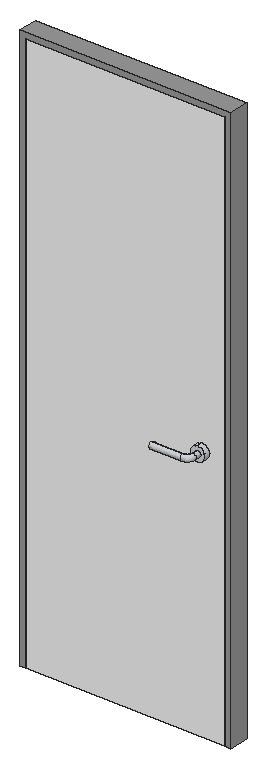
Revit family "- Acero Sinfonia", category Doors, host Wall, Revit 2018
Family settings
  Host = Wall
  OmniClass Number = 23.30.10.00
  OmniClass Title = Doors
  Always vertical = Yes
  Cut with Voids When Loaded = No
  Shared = No
  Room Calculation Point = No
Parameters (values of type "- 70 x 200 cm")
  Set de Marcos = ""
  Relleno = ""
  Material Marco = - Perfil Aluminio
  Material Hoja = - Acero
  Manilla = - Manilla
  Hojas = "Simple de Abatir"
  Function = Interior
  Frame Projection Ext. = 2.50 cm
  Frame Projection Int. = 2.50 cm
  Frame Width = 7.50 cm
  Height = 200.00 cm
  Wall Closure = By host
  Width = 74.00 cm
  Distancia a Cara Interior = 6.00 cm
  Bisagras = ""
  Ancho Hoja = Width - 4.00 cm  # 70.00 cm
  Ancho = Width  # 74.00 cm
  Analytic Construction = "<None>"
  Alto = Height  # 200.00 cm
Types (12, lengths in cm): name | Height | Width | Ancho Hoja | Ancho | Alto
  - 70 x 200 cm | 200.00 | 74.00 | 70.00 | 74.00 | 200.00
  - 75 x 200 cm | 200.00 | 79.00 | 75.00 | 79.00 | 200.00
  - 80 x 200 cm | 200.00 | 84.00 | 80.00 | 84.00 | 200.00
  - 85 x 200 cm | 200.00 | 89.00 | 85.00 | 89.00 | 200.00
  - 90 x 200 cm | 200.00 | 94.00 | 90.00 | 94.00 | 200.00
  -100 x 200 cm | 200.00 | 104.00 | 100.00 | 104.00 | 200.00
  - 70 x 210 cm | 210.00 | 74.00 | 70.00 | 74.00 | 210.00
  - 75 x 210 cm | 210.00 | 79.00 | 75.00 | 79.00 | 210.00
  - 80 x 210 cm | 210.00 | 84.00 | 80.00 | 84.00 | 210.00
  - 85 x 210 cm | 210.00 | 89.00 | 85.00 | 89.00 | 210.00
  - 90 x 210 cm | 210.00 | 94.00 | 90.00 | 94.00 | 210.00
  - 100 x 210 cm | 210.00 | 104.00 | 100.00 | 104.00 | 210.00
Reference planes (cm)
  plane 1: y = 0
  plane 2 "Center (Left/Right)": x = 0
  plane 3 "Left": x = -37
  plane 4 "Right": x = 37
  plane 5: z = 200
  plane 6 "Exterior": y = 7.5
  plane 7 "Interior": y = -7.5
  plane 8: y = -1.5
  plane 9: z = 198
  plane 10: x = -35
  plane 11: x = 35
Forms (cm)
  Sweep 1, solid, material "- Perfil Aluminio" <- "Material Marco"
    path origin (0, 7.5, 0) x (1, 0, 0) y (0, 0, 1)
      loop
        line (37, 0) -> (37, 200) -> (-37, 200) -> (-37, 0)
    profile origin (37, 7.5, 100) x (-1, 0, 0) y (0, -1, 0)
      loop
        line (0, 2) -> (3, 2) -> (3, 4.3) -> (2, 4.3) -> (2, 9) -> (0, 9) -> (0, 2)
  Extrusion 2, solid, material "- Acero" <- "Material Hoja"
    sketch origin (0, 0, 0) x (1, 0, 0) y (0, 1, 0)
      loop
        line (-35, -1.5) -> (35, -1.5) -> (35, 3) -> (-35, 3) -> (-35, -1.5)
    from 0 to 198
  Sweep 3, solid, material "- Manilla" <- "Manilla", not visible
    path origin (5.8483, -7.5601, 0) x (1, 0, 0) y (0, 1, 0)
      loop
        line (22.1517, 15.0613) -> (32.1517, 15.0613)
        arc (32.1517, 15.0613) -> (33.5659, 14.4756) -> (34.1517, 13.0613) r 2
        line (34.1517, 13.0613) -> (34.1517, 11.0613)
    profile origin (33, 7.5012, 0) x (0, 1, 0) y (0, 0, 1)
      loop
        circle (0, 90) r 1
  Extrusion 4, solid, material "- Manilla" <- "Manilla", not visible
    sketch origin (0, 7.5, 0) x (1, 0, 0) y (0, 0, 1)
      loop
        circle (40, 90) r 2.5
    from 3.9988 to 5
Lines and regions (cm)
  Opening 1
    outline origin (-305, -7.5, 0) x (1, 0, 0) y (0, 0, 1)
      loop
        line (268, 0) -> (342, 0) -> (342, 200) -> (268, 200) -> (268, 0)
  symbolic lines, style "Elevation Swing"
    curve 1: line (37, -7.5, 100) -> (-37, -7.5, 200)
    curve 2: line (37, -7.5, 100) -> (-37, -7.5, 0)
    curve 7: arc (-30.5, -71.5, 0) -> (16.4246, -49.6941, 0) -> (35.2596, -1.5001, 0) r 69.4706
  symbolic lines
    curve 3: line (-35, -1.5, 0) -> (-35, -71.5, 0)
    curve 4: line (-30.5, -1.5, 0) -> (-35, -1.5, 0)
    curve 5: line (-30.5, -71.5, 0) -> (-30.5, -1.5, 0)
    curve 6: line (-35, -71.5, 0) -> (-30.5, -71.5, 0)
  model lines, not visible
    curve 8: line (-20, 3, 25) -> (20, 3, 25)
    curve 9: line (-20, 3, 65) -> (-20, 3, 25)
    curve 10: line (20, 3, 65) -> (8.6603, 3, 65)
    curve 11: line (20, 3, 25) -> (20, 3, 65)
    curve 12: line (-20, 3, 75) -> (-8.6603, 3, 75)
    curve 13: line (-20, 3, 75) -> (-20, 3, 169.9666)
    curve 14: line (20, 3, 75) -> (20, 3, 169.9666)
    curve 15: arc (-8.6603, 3, 65) -> (0, 3, 60) -> (8.6603, 3, 65) r 10
    curve 16: line (8.6603, 3, 75) -> (20, 3, 75)
    curve 17: line (-8.6603, 3, 65) -> (-20, 3, 65)
    curve 18: arc (8.6603, 3, 75) -> (0, 3, 80) -> (-8.6603, 3, 75) r 10
    curve 19: arc (14.9666, 3, 175) -> (0, 3, 183) -> (-14.9666, 3, 175) r 18
    curve 20: arc (-20, 3, 169.9666) -> (-16.4409, 3, 171.4409) -> (-14.9666, 3, 175) r 5.0334
    curve 21: arc (14.9666, 3, 175) -> (16.4409, 3, 171.4409) -> (20, 3, 169.9666) r 5.0334
    curve 22: line (-9.2195, 3, 64) -> (-19, 3, 64)
    curve 23: line (-19, 3, 64) -> (-19, 3, 26)
    curve 24: arc (9.2195, 3, 64) -> (0, 3, 59) -> (-9.2195, 3, 64) r 11
    curve 25: line (19, 3, 64) -> (9.2195, 3, 64)
    curve 26: line (19, 3, 26) -> (19, 3, 64)
    curve 27: line (-19, 3, 26) -> (19, 3, 26)
    curve 28: line (-18.9928, 3, 168.9932) -> (-18.9928, 3, 76)
    curve 29: arc (-13.9941, 3, 174.9045) -> (-15.4113, 3, 171.0338) -> (-18.9928, 3, 168.9932) r 5.9946
    curve 30: arc (13.9971, 3, 174.7848) -> (0.0327, 3, 182.1538) -> (-13.9941, 3, 174.9045) r 17.0542
    curve 31: arc (19, 3, 169.1276) -> (15.4988, 3, 171.072) -> (13.9971, 3, 174.7848) r 6.0089
    curve 32: line (19, 3, 76) -> (19, 3, 169.1276)
    curve 33: line (9.2195, 3, 76) -> (19, 3, 76)
    curve 34: arc (-9.2195, 3, 76) -> (0, 3, 81) -> (9.2195, 3, 76) r 11
    curve 35: line (-18.9928, 3, 76) -> (-9.2195, 3, 76)
    curve 36: arc (12.052, 3, 174.0667) -> (0.0498, 3, 180.1537) -> (-12.0243, 3, 174.2107) r 15.0542
    curve 37: arc (-12.0243, 3, 174.2107) -> (-13.561, 3, 170.1508) -> (-16.9928, 3, 167.4925) r 7.9946
    curve 38: line (-16.9928, 3, 167.4925) -> (-16.9928, 3, 78)
    curve 39: line (17, 3, 78) -> (17, 3, 167.6269)
    curve 40: arc (17, 3, 167.6269) -> (13.6492, 3, 170.1731) -> (12.052, 3, 174.0667) r 8.0089
    curve 41: line (-16.9928, 3, 78) -> (-10.247, 3, 78)
    curve 42: arc (-10.247, 3, 78) -> (0, 3, 83) -> (10.247, 3, 78) r 13
    curve 43: line (10.247, 3, 78) -> (17, 3, 78)
    curve 44: line (-10.247, 3, 62) -> (-17, 3, 62)
    curve 45: arc (10.247, 3, 62) -> (0, 3, 57) -> (-10.247, 3, 62) r 13
    curve 46: line (17, 3, 62) -> (10.247, 3, 62)
    curve 47: line (17, 3, 28) -> (17, 3, 62)
    curve 48: line (-17, 3, 28) -> (17, 3, 28)
    curve 49: line (-17, 3, 62) -> (-17, 3, 28)
    curve 50: line (-314, -1.5, 25) -> (-274, -1.5, 25)
    curve 51: line (-314, -1.5, 65) -> (-314, -1.5, 25)
    curve 52: line (-274, -1.5, 25) -> (-274, -1.5, 65)
    curve 53: line (-314, -1.5, 70) -> (-274, -1.5, 70)
    curve 54: line (-314, -1.5, 70) -> (-314, -1.5, 87)
    curve 55: line (-274, -1.5, 70) -> (-274, -1.5, 87)
    curve 56: line (-274, -1.5, 65) -> (-314, -1.5, 65)
    curve 57: line (-275, -1.5, 64) -> (-313, -1.5, 64)
    curve 58: line (-313, -1.5, 64) -> (-313, -1.5, 26)
    curve 59: line (-275, -1.5, 26) -> (-275, -1.5, 64)
    curve 60: line (-313, -1.5, 26) -> (-275, -1.5, 26)
    curve 61: line (-312.9928, -1.5, 86) -> (-312.9928, -1.5, 71)
    curve 62: line (-275, -1.5, 71) -> (-275, -1.5, 86)
    curve 63: line (-312.9928, -1.5, 71) -> (-275, -1.5, 71)
    curve 64: line (-310.9928, -1.5, 84) -> (-310.9928, -1.5, 73)
    curve 65: line (-277, -1.5, 73) -> (-277, -1.5, 84)
    curve 66: line (-310.9928, -1.5, 73) -> (-277, -1.5, 73)
    curve 67: line (-277, -1.5, 62) -> (-311, -1.5, 62)
    curve 68: line (-277, -1.5, 28) -> (-277, -1.5, 62)
    curve 69: line (-311, -1.5, 28) -> (-277, -1.5, 28)
    curve 70: line (-311, -1.5, 62) -> (-311, -1.5, 28)
    curve 71: line (-310.9928, -1.5, 84) -> (-277, -1.5, 84)
    curve 72: line (-314, -1.5, 87) -> (-274, -1.5, 87)
    curve 73: line (-312.9928, -1.5, 86) -> (-275, -1.5, 86)
    curve 74: line (-310.9928, -1.5, 84) -> (-277, -1.5, 84)
    curve 75: line (-314, -1.5, 97) -> (-274, -1.5, 97)
    curve 76: line (-314, -1.5, 185) -> (-314, -1.5, 97)
    curve 77: line (-274, -1.5, 97) -> (-274, -1.5, 185)
    curve 78: line (-274, -1.5, 185) -> (-314, -1.5, 185)
    curve 79: line (-275, -1.5, 184) -> (-313, -1.5, 184)
    curve 80: line (-313, -1.5, 184) -> (-313, -1.5, 98)
    curve 81: line (-275, -1.5, 98) -> (-275, -1.5, 184)
    curve 82: line (-313, -1.5, 98) -> (-275, -1.5, 98)
    curve 83: line (-277, -1.5, 182) -> (-311, -1.5, 182)
    curve 84: line (-277, -1.5, 100) -> (-277, -1.5, 182)
    curve 85: line (-311, -1.5, 100) -> (-277, -1.5, 100)
    curve 86: line (-311, -1.5, 182) -> (-311, -1.5, 100)
    curve 87: line (-320, 3, 25) -> (-280, 3, 25)
    curve 88: line (-320, 3, 65) -> (-320, 3, 25)
    curve 89: line (-280, 3, 25) -> (-280, 3, 65)
    curve 90: line (-320, 3, 72.5) -> (-280, 3, 72.5)
    curve 91: line (-280, 3, 65) -> (-320, 3, 65)
    curve 92: line (-281, 3, 64) -> (-319, 3, 64)
    curve 93: line (-319, 3, 64) -> (-319, 3, 26)
    curve 94: line (-281, 3, 26) -> (-281, 3, 64)
    curve 95: line (-319, 3, 26) -> (-281, 3, 26)
    curve 96: line (-319, 3, 73.5) -> (-281, 3, 73.5)
    curve 97: line (-317, 3, 75.5) -> (-283, 3, 75.5)
    curve 98: line (-283, 3, 62) -> (-317, 3, 62)
    curve 99: line (-283, 3, 28) -> (-283, 3, 62)
    curve 100: line (-317, 3, 28) -> (-283, 3, 28)
    curve 101: line (-317, 3, 62) -> (-317, 3, 28)
    curve 102: line (-320, 3, 179.3431) -> (-320, 3, 72.5)
    curve 103: line (-280, 3, 72.5) -> (-280, 3, 179.3431)
    curve 104: line (-319, 3, 178.3431) -> (-319, 3, 73.5)
    curve 105: line (-281, 3, 73.5) -> (-281, 3, 178.3431)
    curve 106: line (-283, 3, 75.5) -> (-283, 3, 176.3431)
    curve 107: line (-317, 3, 176.3431) -> (-317, 3, 75.5)
    curve 108: arc (-292, 3, 181) -> (-300, 3, 185) -> (-308, 3, 181) r 10
    curve 109: arc (-292, 3, 181) -> (-290.1648, 3, 179.7737) -> (-288, 3, 179.3431) r 5.6569
    curve 110: arc (-308, 3, 181) -> (-309.8352, 3, 179.7737) -> (-312, 3, 179.3431) r 5.6569
    curve 111: line (-288, 3, 179.3431) -> (-280, 3, 179.3431)
    curve 112: line (-312, 3, 179.3431) -> (-320, 3, 179.3431)
    curve 113: line (-281, 3, 178.3431) -> (-288, 3, 178.3431)
    curve 114: arc (-288, 3, 178.3431) -> (-290.5825, 3, 178.8645) -> (-292.7604, 3, 180.3468) r 6.6569
    curve 115: arc (-292.7604, 3, 180.3468) -> (-300, 3, 184) -> (-307.2396, 3, 180.3468) r 9
    curve 116: arc (-307.2396, 3, 180.3468) -> (-309.4175, 3, 178.8645) -> (-312, 3, 178.3431) r 6.6569
    curve 117: line (-312, 3, 178.3431) -> (-319, 3, 178.3431)
    curve 118: line (-283, 3, 176.3431) -> (-288, 3, 176.3431)
    curve 119: arc (-288, 3, 176.3431) -> (-291.43, 3, 177.0516) -> (-294.2985, 3, 179.0611) r 8.6569
    curve 120: arc (-294.2985, 3, 179.0611) -> (-300, 3, 182) -> (-305.7015, 3, 179.0611) r 7
    curve 121: arc (-305.7015, 3, 179.0611) -> (-308.57, 3, 177.0516) -> (-312, 3, 176.3431) r 8.6569
    curve 122: line (-312, 3, 176.3431) -> (-317, 3, 176.3431)
    curve 123: line (-23, -1.5, 25) -> (-5, -1.5, 25)
    curve 124: line (-23, -1.5, 65) -> (-23, -1.5, 25)
    curve 125: line (-5, -1.5, 25) -> (-5, -1.5, 65)
    curve 126: line (-23, -1.5, 72.5) -> (-5, -1.5, 72.5)
    curve 127: line (-5, -1.5, 65) -> (-23, -1.5, 65)
    curve 128: line (-6, -1.5, 64) -> (-22, -1.5, 64)
    curve 129: line (-22, -1.5, 64) -> (-22, -1.5, 26)
    curve 130: line (-6, -1.5, 26) -> (-6, -1.5, 64)
    curve 131: line (-22, -1.5, 26) -> (-6, -1.5, 26)
    curve 132: line (-22, -1.5, 73.5) -> (-6, -1.5, 73.5)
    curve 133: line (-20, -1.5, 75.5) -> (-8, -1.5, 75.5)
    curve 134: line (-8, -1.5, 62) -> (-20, -1.5, 62)
    curve 135: line (-8, -1.5, 28) -> (-8, -1.5, 62)
    curve 136: line (-20, -1.5, 28) -> (-8, -1.5, 28)
    curve 137: line (-20, -1.5, 62) -> (-20, -1.5, 28)
    curve 138: line (-23, -1.5, 179.3431) -> (-23, -1.5, 72.5)
    curve 139: line (-22, -1.5, 178.3431) -> (-22, -1.5, 73.5)
    curve 140: line (-20, -1.5, 176.3431) -> (-20, -1.5, 75.5)
    curve 141: arc (-16, -1.5, 181) -> (-17.8352, -1.5, 179.7737) -> (-20, -1.5, 179.3431) r 5.6569
    curve 142: arc (-15.2396, -1.5, 180.3468) -> (-17.4175, -1.5, 178.8645) -> (-20, -1.5, 178.3431) r 6.6569
    curve 143: arc (-13.7015, -1.5, 179.0611) -> (-16.57, -1.5, 177.0516) -> (-20, -1.5, 176.3431) r 8.6569
    curve 144: arc (-8, -1.5, 185) -> (-12.4721, -1.5, 183.9443) -> (-16, -1.5, 181) r 10
    curve 145: arc (-8, -1.5, 184) -> (-12.0545, -1.5, 183.035) -> (-15.2396, -1.5, 180.3468) r 9
    curve 146: arc (-8, -1.5, 182) -> (-11.2072, -1.5, 181.2221) -> (-13.7015, -1.5, 179.0611) r 7
    curve 147: line (-23, -1.5, 179.3431) -> (-20, -1.5, 179.3431)
    curve 148: line (-20, -1.5, 178.3431) -> (-22, -1.5, 178.3431)
    curve 149: line (-5, -1.5, 185) -> (-5, -1.5, 72.5)
    curve 150: line (-6, -1.5, 184) -> (-6, -1.5, 73.5)
    curve 151: line (-8, -1.5, 182) -> (-8, -1.5, 75.5)
    curve 152: line (-8, -1.5, 185) -> (-5, -1.5, 185)
    curve 153: line (-6, -1.5, 184) -> (-8, -1.5, 184)
    curve 154: line (23, -1.5, 72.5) -> (5, -1.5, 72.5)
    curve 155: line (22, -1.5, 73.5) -> (6, -1.5, 73.5)
    curve 156: line (20, -1.5, 75.5) -> (8, -1.5, 75.5)
    curve 157: line (23, -1.5, 179.3431) -> (23, -1.5, 72.5)
    curve 158: line (22, -1.5, 178.3431) -> (22, -1.5, 73.5)
    curve 159: line (20, -1.5, 176.3431) -> (20, -1.5, 75.5)
    curve 160: arc (16, -1.5, 181) -> (17.8352, -1.5, 179.7737) -> (20, -1.5, 179.3431) r 5.6569
    curve 161: arc (15.2396, -1.5, 180.3468) -> (17.4175, -1.5, 178.8645) -> (20, -1.5, 178.3431) r 6.6569
    curve 162: arc (13.7015, -1.5, 179.0611) -> (16.57, -1.5, 177.0516) -> (20, -1.5, 176.3431) r 8.6569
    curve 163: arc (8, -1.5, 185) -> (12.4721, -1.5, 183.9443) -> (16, -1.5, 181) r 10
    curve 164: arc (8, -1.5, 184) -> (12.0545, -1.5, 183.035) -> (15.2396, -1.5, 180.3468) r 9
    curve 165: arc (8, -1.5, 182) -> (11.2072, -1.5, 181.2221) -> (13.7015, -1.5, 179.0611) r 7
    curve 166: line (23, -1.5, 179.3431) -> (20, -1.5, 179.3431)
    curve 167: line (20, -1.5, 178.3431) -> (22, -1.5, 178.3431)
    curve 168: line (5, -1.5, 185) -> (5, -1.5, 72.5)
    curve 169: line (6, -1.5, 184) -> (6, -1.5, 73.5)
    curve 170: line (8, -1.5, 182) -> (8, -1.5, 75.5)
    curve 171: line (8, -1.5, 185) -> (5, -1.5, 185)
    curve 172: line (6, -1.5, 184) -> (8, -1.5, 184)
    curve 173: line (5, -1.5, 25) -> (23, -1.5, 25)
    curve 174: line (5, -1.5, 65) -> (5, -1.5, 25)
    curve 175: line (23, -1.5, 25) -> (23, -1.5, 65)
    curve 176: line (23, -1.5, 65) -> (5, -1.5, 65)
    curve 177: line (22, -1.5, 64) -> (6, -1.5, 64)
    curve 178: line (6, -1.5, 64) -> (6, -1.5, 26)
    curve 179: line (22, -1.5, 26) -> (22, -1.5, 64)
    curve 180: line (6, -1.5, 26) -> (22, -1.5, 26)
    curve 181: line (20, -1.5, 62) -> (8, -1.5, 62)
    curve 182: line (20, -1.5, 28) -> (20, -1.5, 62)
    curve 183: line (8, -1.5, 28) -> (20, -1.5, 28)
    curve 184: line (8, -1.5, 62) -> (8, -1.5, 28)
    curve 192: line (373, 3, 99) -> (355, 3, 99)
    curve 193: line (373, 3, 158.998) -> (373, 3, 99)
    curve 194: line (373, 3, 158.998) -> (355, 3, 158.998)
    curve 195: line (355, 3, 25) -> (373, 3, 25)
    curve 196: line (355, 3, 85) -> (355, 3, 25)
    curve 197: line (373, 3, 25) -> (373, 3, 85)
    curve 198: line (373, 3, 85) -> (355, 3, 85)
    curve 218: line (355, 3, 158.998) -> (355, 3, 99)
    curve 219: line (373, 3, 158.998) -> (355, 3, 158.998)
    curve 220: line (373, 3, 185) -> (373, 3, 168.998)
    curve 221: line (373, 3, 185) -> (355, 3, 185)
    curve 222: line (355, 3, 185) -> (355, 3, 168.998)
    curve 223: line (373, 3, 168.998) -> (355, 3, 168.998)
    curve 224: line (327, 3, 99) -> (345, 3, 99)
    curve 225: line (327, 3, 158.998) -> (327, 3, 99)
    curve 226: line (327, 3, 158.998) -> (345, 3, 158.998)
    curve 227: line (345, 3, 25) -> (327, 3, 25)
    curve 228: line (345, 3, 85) -> (345, 3, 25)
    curve 229: line (327, 3, 25) -> (327, 3, 85)
    curve 230: line (327, 3, 85) -> (345, 3, 85)
    curve 231: line (345, 3, 158.998) -> (345, 3, 99)
    curve 232: line (327, 3, 158.998) -> (345, 3, 158.998)
    curve 233: line (327, 3, 185) -> (327, 3, 168.998)
    curve 234: line (327, 3, 185) -> (345, 3, 185)
    curve 235: line (345, 3, 185) -> (345, 3, 168.998)
    curve 236: line (327, 3, 168.998) -> (345, 3, 168.998)
    curve 263: line (371, -1.5, 99) -> (351, -1.5, 99)
    curve 264: line (371, -1.5, 158.998) -> (371, -1.5, 99)
    curve 265: line (371, -1.5, 158.998) -> (351, -1.5, 158.998)
    curve 266: line (351, -1.5, 25) -> (371, -1.5, 25)
    curve 267: line (351, -1.5, 85) -> (351, -1.5, 25)
    curve 268: line (371, -1.5, 25) -> (371, -1.5, 85)
    curve 269: line (371, -1.5, 85) -> (351, -1.5, 85)
    curve 270: line (351, -1.5, 158.998) -> (351, -1.5, 99)
    curve 271: line (371, -1.5, 158.998) -> (351, -1.5, 158.998)
    curve 272: line (371, -1.5, 185) -> (371, -1.5, 168.998)
    curve 273: line (371, -1.5, 185) -> (351, -1.5, 185)
    curve 274: line (351, -1.5, 185) -> (351, -1.5, 168.998)
    curve 275: line (371, -1.5, 168.998) -> (351, -1.5, 168.998)
    curve 276: line (321, -1.5, 99) -> (341, -1.5, 99)
    curve 277: line (321, -1.5, 158.998) -> (321, -1.5, 99)
    curve 278: line (321, -1.5, 158.998) -> (341, -1.5, 158.998)
    curve 279: line (341, -1.5, 25) -> (321, -1.5, 25)
    curve 280: line (341, -1.5, 85) -> (341, -1.5, 25)
    curve 281: line (321, -1.5, 25) -> (321, -1.5, 85)
    curve 282: line (321, -1.5, 85) -> (341, -1.5, 85)
    curve 283: line (341, -1.5, 158.998) -> (341, -1.5, 99)
    curve 284: line (321, -1.5, 158.998) -> (341, -1.5, 158.998)
    curve 285: line (321, -1.5, 185) -> (321, -1.5, 168.998)
    curve 286: line (321, -1.5, 185) -> (341, -1.5, 185)
    curve 287: line (341, -1.5, 185) -> (341, -1.5, 168.998)
    curve 288: line (321, -1.5, 168.998) -> (341, -1.5, 168.998)
  model lines
    curve 185: line (23, 3, 99) -> (5, 3, 99)
    curve 186: line (23, 3, 158.998) -> (23, 3, 99)
    curve 187: line (23, 3, 158.998) -> (5, 3, 158.998)
    curve 188: line (5, 3, 25) -> (23, 3, 25)
    curve 189: line (5, 3, 85) -> (5, 3, 25)
    curve 190: line (23, 3, 25) -> (23, 3, 85)
    curve 191: line (23, 3, 85) -> (5, 3, 85)
    curve 199: line (5, 3, 158.998) -> (5, 3, 99)
    curve 200: line (23, 3, 158.998) -> (5, 3, 158.998)
    curve 201: line (23, 3, 185) -> (23, 3, 168.998)
    curve 202: line (23, 3, 185) -> (5, 3, 185)
    curve 203: line (5, 3, 185) -> (5, 3, 168.998)
    curve 204: line (23, 3, 168.998) -> (5, 3, 168.998)
    curve 205: line (-23, 3, 99) -> (-5, 3, 99)
    curve 206: line (-23, 3, 158.998) -> (-23, 3, 99)
    curve 207: line (-23, 3, 158.998) -> (-5, 3, 158.998)
    curve 208: line (-5, 3, 25) -> (-23, 3, 25)
    curve 209: line (-5, 3, 85) -> (-5, 3, 25)
    curve 210: line (-23, 3, 25) -> (-23, 3, 85)
    curve 211: line (-23, 3, 85) -> (-5, 3, 85)
    curve 212: line (-5, 3, 158.998) -> (-5, 3, 99)
    curve 213: line (-23, 3, 158.998) -> (-5, 3, 158.998)
    curve 214: line (-23, 3, 185) -> (-23, 3, 168.998)
    curve 215: line (-23, 3, 185) -> (-5, 3, 185)
    curve 216: line (-5, 3, 185) -> (-5, 3, 168.998)
    curve 217: line (-23, 3, 168.998) -> (-5, 3, 168.998)
    curve 237: line (24.5, -1.5, 99) -> (4.5, -1.5, 99)
    curve 238: line (24.5, -1.5, 158.998) -> (24.5, -1.5, 99)
    curve 239: line (24.5, -1.5, 158.998) -> (4.5, -1.5, 158.998)
    curve 240: line (4.5, -1.5, 25) -> (24.5, -1.5, 25)
    curve 241: line (4.5, -1.5, 85) -> (4.5, -1.5, 25)
    curve 242: line (24.5, -1.5, 25) -> (24.5, -1.5, 85)
    curve 243: line (24.5, -1.5, 85) -> (4.5, -1.5, 85)
    curve 244: line (4.5, -1.5, 158.998) -> (4.5, -1.5, 99)
    curve 245: line (24.5, -1.5, 158.998) -> (4.5, -1.5, 158.998)
    curve 246: line (24.5, -1.5, 185) -> (24.5, -1.5, 168.998)
    curve 247: line (24.5, -1.5, 185) -> (4.5, -1.5, 185)
    curve 248: line (4.5, -1.5, 185) -> (4.5, -1.5, 168.998)
    curve 249: line (24.5, -1.5, 168.998) -> (4.5, -1.5, 168.998)
    curve 250: line (-25.5, -1.5, 99) -> (-5.5, -1.5, 99)
    curve 251: line (-25.5, -1.5, 158.998) -> (-25.5, -1.5, 99)
    curve 252: line (-25.5, -1.5, 158.998) -> (-5.5, -1.5, 158.998)
    curve 253: line (-5.5, -1.5, 25) -> (-25.5, -1.5, 25)
    curve 254: line (-5.5, -1.5, 85) -> (-5.5, -1.5, 25)
    curve 255: line (-25.5, -1.5, 25) -> (-25.5, -1.5, 85)
    curve 256: line (-25.5, -1.5, 85) -> (-5.5, -1.5, 85)
    curve 257: line (-5.5, -1.5, 158.998) -> (-5.5, -1.5, 99)
    curve 258: line (-25.5, -1.5, 158.998) -> (-5.5, -1.5, 158.998)
    curve 259: line (-25.5, -1.5, 185) -> (-25.5, -1.5, 168.998)
    curve 260: line (-25.5, -1.5, 185) -> (-5.5, -1.5, 185)
    curve 261: line (-5.5, -1.5, 185) -> (-5.5, -1.5, 168.998)
    curve 262: line (-25.5, -1.5, 168.998) -> (-5.5, -1.5, 168.998)
Text (cm)
  text "Exterior" at (-229.5016, 109.9543, 0), in view "Ref. Level"
  text "Exterior" at (0, 161.538, 369.8081), in view "Left"
  text "Exterior" at (0, 103.6032, 387.4932), in view "Right"
Dimensions and locks (cm)
  equal spacing: plane 3 "Left", plane 2 "Center (Left/Right)", plane 4 "Right"
  "Width": plane 3 "Left" to plane 4 "Right"
  "Height": plane 5 to host wall
  equal spacing: host wall, curve 2, plane 5
  host wall to plane 5 = 200.00 cm
  locked: plane 6 "Exterior" to host wall at 0
  locked: plane 7 "Interior" to host wall
  "Distancia a Cara Interior": plane 7 "Interior" to plane 8
  locked: Sweep 1 sketch curve to Sweep 1 sketch curve at 7
  locked: plane 9 to plane 5 at 2
  locked: curve 3 to curve 5 at 4.5
  locked: plane 3 "Left" to plane 10 at 2
  locked: plane 11 to plane 4 "Right" at 2
  "Ancho Hoja": curve 6 to curve 4
  locked: Extrusion 2 sketch curve to Extrusion 2 sketch curve at 4.5
  locked: nested 1 to plane 4 "Right" at 10
  level to nested 1 = 90.00 cm
  locked: nested 2 to plane 4 "Right" at 10
  locked: nested 2 to level at 90
  locked: Sweep 1 sketch curve to Sweep 1 sketch curve at 2.3
  curve 200 to curve 202 = 26.002 cm
  locked: Extrusion 2 to curve 215 at 185
  locked: plane 2 "Center (Left/Right)" to curve 210 at 23
  locked: curve 247 to Extrusion 2 at 185
  locked: curve 242 to plane 2 "Center (Left/Right)" at 24.5
  aligned and locked: plane 3 "Left" to Opening 1 sketch curve
  aligned and locked: plane 5 to Opening 1 sketch curve  (x2)
  aligned and locked: Opening 1 sketch curve to plane 4 "Right"
  aligned and locked: Opening 1 sketch curve to level
  aligned and locked: plane 5 to curve 1
  aligned and locked: plane 3 "Left" to curve 2
  aligned and locked: plane 1 to host wall
  aligned and locked: plane 3 "Left" to curve 1
  aligned and locked: plane 8 to Sweep 1 sketch curve
  aligned and locked: Extrusion 2 sketch curve to plane 8
  aligned and locked: Sweep 1 to level
  aligned and locked: plane 10 to curve 3
  aligned and locked: Sweep 3 to Extrusion 4
  aligned and locked: Extrusion 2 to plane 9
Automatic sketch dimensions
  plane 4 "Right" to curve 2 = 0.00 cm
  curve 2 to level = 0.00 cm
  plane 3 "Left" to Sweep 1 sketch curve = 0.00 cm
  plane 4 "Right" to Sweep 1 sketch curve = 0.00 cm
  Sweep 1 sketch curve to level = 0.00 cm  (x2)
  Sweep 1 sketch curve to plane 5 = 0.00 cm
  Sweep 1 sketch curve to profile plane = 0.00 cm
  Sweep 1 sketch curve to profile plane = 2.00 cm
  Sweep 1 sketch curve to Sweep 1 sketch curve = 1.00 cm
  curve 7 to plane 8 = 0.0001 cm
  curve 7 to plane 11 = 0.2596 cm
  curve 4 to plane 8 = 0.00 cm
  curve 7 to plane 10 = 0.7919 cm
  Sweep 3 sketch curve to Sweep 3 sketch curve = 10.00 cm
  Sweep 3 sketch curve to Sweep 3 sketch curve = 2.00 cm  (x2)
  Sweep 3 sketch curve to profile plane = 0.00 cm
  profile plane to Sweep 3 sketch curve = 90.00 cm
  Extrusion 2 sketch curve to plane 10 = 0.00 cm
  Extrusion 2 sketch curve to plane 11 = 0.00 cm
  curve 15 to curve 18 = 0.00 cm  (x4)
  curve 15 to curve 24 = 0.00 cm  (x4)
  curve 15 to curve 34 = 0.00 cm  (x4)
  curve 15 to curve 42 = 0.00 cm  (x4)
  curve 15 to curve 45 = 0.00 cm  (x4)
  curve 29 to curve 37 = 0.00 cm  (x4)
  curve 30 to curve 36 = 0.00 cm  (x4)
  curve 31 to curve 40 = 0.00 cm  (x4)
  curve 8 to curve 31 = 0.00 cm
  curve 21 to curve 31 = 0.00 cm
  curve 14 to curve 32 = 1.00 cm
  curve 10 to curve 26 = 1.00 cm
  curve 26 to curve 47 = 2.00 cm
  curve 32 to curve 39 = 2.00 cm
  curve 46 to curve 46 = 6.753 cm
  curve 39 to curve 43 = 6.753 cm
  curve 42 to curve 33 = 1.0274 cm
  curve 45 to curve 25 = 1.0274 cm
  curve 33 to curve 16 = 0.5593 cm
  curve 24 to curve 10 = 0.5593 cm
  curve 16 to curve 24 = 8.6603 cm
  curve 39 to curve 19 = 17.00 cm
  curve 19 to curve 36 = 0.0402 cm
  curve 15 to curve 12 = 8.6603 cm
  curve 15 to curve 17 = 8.6603 cm
  curve 15 to curve 22 = 0.5593 cm
  curve 12 to curve 35 = 0.5593 cm
  curve 22 to curve 44 = 1.0274 cm
  curve 34 to curve 41 = 1.0274 cm
  curve 41 to curve 38 = 6.7459 cm
  curve 47 to curve 48 = 34.00 cm
  curve 38 to curve 35 = 2.00 cm
  curve 44 to curve 22 = 2.00 cm
  curve 28 to curve 29 = 0.9959 cm
  curve 29 to curve 20 = 0.0113 cm
  curve 22 to curve 17 = 1.00 cm
  curve 8 to curve 26 = 1.00 cm
  curve 23 to curve 49 = 2.00 cm
  curve 48 to curve 49 = 34.00 cm
  curve 45 to curve 25 = 2.00 cm
  curve 25 to curve 10 = 1.00 cm
  curve 10 to curve 45 = 5.00 cm
  curve 10 to curve 16 = 10.00 cm
  curve 12 to curve 35 = 1.00 cm
  curve 34 to curve 41 = 2.00 cm
  curve 41 to curve 19 = 87.00 cm
  curve 19 to curve 30 = 0.0997 cm
  curve 36 to curve 38 = 2.3928 cm
  curve 19 to curve 39 = 2.6269 cm
  curve 37 to curve 28 = 1.5007 cm
  curve 39 to curve 32 = 1.5007 cm
  curve 28 to curve 13 = 0.9734 cm
  curve 31 to curve 14 = 0.839 cm
  curve 13 to curve 29 = 4.9378 cm
  curve 29 to curve 20 = 0.0955 cm
  curve 21 to curve 40 = 0.0527 cm
  curve 31 to curve 36 = 1.9451 cm
  curve 55 to curve 62 = 1.4142 cm
  curve 59 to curve 68 = 2.8284 cm
  curve 62 to curve 65 = 2.8284 cm
  curve 53 to curve 63 = 1.4142 cm
  curve 57 to curve 67 = 2.8284 cm
  curve 66 to curve 64 = 33.9928 cm
  curve 68 to curve 69 = 34.00 cm
  curve 64 to curve 63 = 2.8284 cm
  curve 67 to curve 57 = 2.8284 cm
  curve 57 to curve 56 = 1.4142 cm
  curve 50 to curve 59 = 1.4142 cm
  curve 58 to curve 70 = 2.8284 cm
  curve 69 to curve 70 = 34.00 cm  (x2)
  curve 53 to curve 63 = 1.4193 cm
  curve 65 to curve 62 = 2.8284 cm
  curve 61 to curve 54 = 1.4193 cm
  curve 18 to curve 24 = 0.00 cm  (x2)
  curve 18 to curve 34 = 0.00 cm  (x2)
  curve 18 to curve 42 = 0.00 cm  (x2)
  curve 18 to curve 45 = 0.00 cm  (x2)
  curve 24 to curve 34 = 0.00 cm  (x2)
  curve 24 to curve 42 = 0.00 cm  (x2)
  curve 24 to curve 45 = 0.00 cm  (x2)
  curve 34 to curve 42 = 0.00 cm  (x2)
  curve 34 to curve 45 = 0.00 cm  (x2)
  curve 42 to curve 45 = 0.00 cm  (x2)
  curve 72 to curve 51 = 0.00 cm
  curve 75 to curve 54 = 0.00 cm
  curve 76 to curve 79 = 1.00 cm
  curve 51 to curve 57 = 1.00 cm
  curve 53 to curve 63 = 1.0072 cm
  curve 79 to curve 86 = 2.00 cm
  curve 58 to curve 70 = 2.00 cm
  curve 61 to curve 66 = 2.00 cm
  curve 64 to curve 65 = 33.9928 cm
  curve 69 to curve 69 = 34.00 cm
  curve 85 to curve 65 = 0.00 cm
  curve 68 to curve 60 = 2.00 cm
  curve 65 to curve 63 = 2.00 cm
  curve 84 to curve 82 = 2.00 cm
  curve 62 to curve 55 = 1.00 cm
  curve 57 to curve 56 = 1.00 cm  (x2)
  curve 79 to curve 78 = 1.00 cm  (x2)
  curve 50 to curve 59 = 1.00 cm
  curve 59 to curve 68 = 2.00 cm
  curve 67 to curve 57 = 2.00 cm
  curve 52 to curve 53 = 5.00 cm
  curve 53 to curve 63 = 1.00 cm
  curve 62 to curve 66 = 2.00 cm
  curve 65 to curve 71 = 11.00 cm
  curve 65 to curve 62 = 2.00 cm
  curve 62 to curve 72 = 1.00 cm
  curve 55 to curve 75 = 10.00 cm
  curve 75 to curve 82 = 1.00 cm
  curve 81 to curve 84 = 2.00 cm
  curve 84 to curve 84 = 82.00 cm
  curve 83 to curve 79 = 2.00 cm
  curve 87 to curve 90 = 0.00 cm
  curve 103 to curve 105 = 1.00 cm
  curve 89 to curve 92 = 1.00 cm
  curve 105 to curve 106 = 2.00 cm
  curve 92 to curve 99 = 2.00 cm
  curve 98 to curve 98 = 34.00 cm
  curve 106 to curve 107 = 34.00 cm
  curve 97 to curve 96 = 2.00 cm
  curve 98 to curve 92 = 2.00 cm
  curve 96 to curve 102 = 1.00 cm
  curve 92 to curve 91 = 1.00 cm
  curve 87 to curve 94 = 1.00 cm
  curve 94 to curve 99 = 2.00 cm
  curve 100 to curve 101 = 34.00 cm
  curve 98 to curve 93 = 2.00 cm
  curve 92 to curve 89 = 1.00 cm
  curve 89 to curve 103 = 7.50 cm
  curve 90 to curve 105 = 1.00 cm
  curve 96 to curve 106 = 2.00 cm
  curve 97 to curve 107 = 100.8431 cm
  curve 106 to curve 107 = 0.00 cm
  curve 106 to curve 105 = 2.00 cm
  curve 105 to curve 103 = 1.00 cm
  curve 108 to curve 115 = 0.00 cm  (x4)
  curve 108 to curve 120 = 0.00 cm  (x4)
  curve 109 to curve 114 = 0.00 cm  (x3)
  curve 109 to curve 119 = 0.00 cm  (x4)
  curve 110 to curve 116 = 0.00 cm  (x3)
  curve 110 to curve 121 = 0.00 cm  (x3)
  curve 114 to curve 119 = 0.00 cm  (x3)
  curve 116 to curve 121 = 0.00 cm  (x4)
  curve 106 to curve 111 = 5.00 cm
  curve 118 to curve 115 = 12.00 cm
  curve 110 to curve 104 = 7.00 cm
  curve 115 to curve 106 = 1.3431 cm
  curve 122 to curve 117 = 2.00 cm
  curve 117 to curve 112 = 1.00 cm
  curve 110 to curve 121 = 5.6569 cm
  curve 111 to curve 109 = 5.6569 cm
  curve 109 to curve 109 = 4.00 cm
  curve 108 to curve 115 = 0.7604 cm
  curve 115 to curve 119 = 1.5381 cm
  curve 115 to curve 120 = 0.00 cm  (x2)
  curve 125 to curve 128 = 1.4142 cm
  curve 128 to curve 135 = 2.8284 cm
  curve 134 to curve 134 = 12.00 cm  (x2)
  curve 133 to curve 132 = 2.8284 cm
  curve 134 to curve 128 = 2.8284 cm
  curve 132 to curve 138 = 1.4142 cm
  curve 128 to curve 127 = 1.4142 cm
  curve 123 to curve 130 = 1.4142 cm
  curve 130 to curve 135 = 2.8284 cm
  curve 136 to curve 137 = 34.00 cm
  curve 134 to curve 129 = 2.8284 cm
  curve 128 to curve 125 = 1.4142 cm
  curve 133 to curve 140 = 100.8431 cm
  curve 140 to curve 139 = 2.8284 cm
  curve 139 to curve 138 = 1.4142 cm
  curve 141 to curve 142 = 0.00 cm  (x6)
  curve 141 to curve 143 = 0.00 cm  (x6)
  curve 141 to curve 142 = 1.0024 cm
  curve 145 to curve 143 = 2.0047 cm
  curve 142 to curve 143 = 0.00 cm  (x4)
  curve 144 to curve 145 = 0.00 cm  (x2)
  curve 144 to curve 146 = 0.00 cm  (x2)
  curve 145 to curve 146 = 0.00 cm  (x2)
  curve 160 to curve 161 = 0.00 cm  (x2)
  curve 160 to curve 162 = 0.00 cm  (x2)
  curve 161 to curve 162 = 0.00 cm  (x2)
  curve 163 to curve 164 = 0.00 cm  (x2)
  curve 163 to curve 165 = 0.00 cm  (x2)
  curve 164 to curve 165 = 0.00 cm  (x2)
  curve 138 to curve 124 = 0.00 cm
  curve 138 to curve 148 = 1.00 cm
  curve 124 to curve 128 = 1.00 cm
  curve 139 to curve 147 = 2.00 cm
  curve 128 to curve 134 = 2.00 cm
  curve 133 to curve 133 = 12.00 cm
  curve 133 to curve 132 = 2.00 cm
  curve 135 to curve 131 = 2.00 cm
  curve 150 to curve 149 = 1.00 cm
  curve 128 to curve 125 = 1.00 cm
  curve 126 to curve 168 = 10.00 cm
  curve 123 to curve 173 = 10.00 cm
  curve 173 to curve 178 = 1.00 cm
  curve 168 to curve 169 = 1.00 cm
  curve 169 to curve 172 = 2.00 cm
  curve 177 to curve 184 = 2.00 cm
  curve 183 to curve 183 = 12.00 cm
  curve 163 to curve 159 = 12.00 cm
  curve 167 to curve 167 = 2.00 cm
  curve 182 to curve 179 = 2.00 cm
  curve 158 to curve 157 = 1.00 cm  (x2)
  curve 177 to curve 176 = 1.00 cm
  curve 173 to curve 123 = 0.00 cm
  curve 173 to curve 180 = 1.00 cm
  curve 123 to curve 131 = 1.00 cm
  curve 179 to curve 182 = 2.00 cm
  curve 129 to curve 137 = 2.00 cm
  curve 136 to curve 134 = 34.00 cm
  curve 184 to curve 134 = 0.00 cm
  curve 181 to curve 177 = 2.00 cm
  curve 134 to curve 129 = 2.00 cm
  curve 128 to curve 127 = 1.00 cm
  curve 177 to curve 174 = 1.00 cm
  curve 125 to curve 126 = 7.50 cm
  curve 174 to curve 168 = 7.50 cm
  curve 154 to curve 158 = 1.00 cm
  curve 126 to curve 132 = 1.00 cm
  curve 155 to curve 156 = 2.00 cm
  curve 132 to curve 133 = 2.00 cm
  curve 156 to curve 163 = 99.50 cm
  curve 144 to curve 163 = 0.00 cm
  curve 163 to curve 159 = 1.3431 cm
  curve 144 to curve 140 = 1.3431 cm
  curve 159 to curve 158 = 2.00 cm
  curve 140 to curve 139 = 2.00 cm
  curve 139 to curve 138 = 1.00 cm
  curve 144 to curve 151 = 7.00 cm
  curve 163 to curve 170 = 7.00 cm
  curve 170 to curve 172 = 2.00 cm
  curve 146 to curve 153 = 2.00 cm
  curve 169 to curve 168 = 1.00 cm
  curve 141 to curve 143 = 5.6569 cm
  curve 160 to curve 162 = 5.6569 cm
  curve 150 to curve 152 = 1.00 cm
  curve 189 to curve 199 = 14.00 cm
  curve 186 to curve 204 = 0.00 cm
  curve 191 to curve 185 = 0.00 cm  (x2)
  curve 203 to curve 217 = 10.00 cm
  curve 185 to curve 205 = 10.00 cm
  curve 189 to curve 211 = 10.00 cm
  curve 190 to curve 208 = 0.00 cm
  curve 209 to curve 212 = 14.00 cm
  curve 199 to curve 205 = 0.00 cm
  curve 206 to curve 214 = 10.00 cm
  curve 187 to curve 204 = 10.00 cm
  curve 193 to curve 223 = 0.00 cm
  curve 198 to curve 192 = 0.00 cm  (x2)
  curve 222 to curve 236 = 10.00 cm
  curve 192 to curve 224 = 10.00 cm
  curve 196 to curve 230 = 10.00 cm
  curve 197 to curve 227 = 0.00 cm
  curve 228 to curve 231 = 14.00 cm
  curve 218 to curve 224 = 0.00 cm
  curve 225 to curve 233 = 10.00 cm
  curve 194 to curve 223 = 10.00 cm
  curve 238 to curve 249 = 10.00 cm  (x2)
  curve 243 to curve 237 = 14.00 cm
  curve 248 to curve 262 = 10.00 cm
  curve 237 to curve 250 = 10.00 cm
  curve 241 to curve 256 = 10.00 cm
  curve 242 to curve 253 = 30.00 cm
  curve 254 to curve 257 = 14.00 cm  (x2)
  curve 244 to curve 250 = 10.00 cm
  curve 251 to curve 259 = 10.00 cm
  curve 239 to curve 249 = 10.00 cm
  curve 264 to curve 275 = 10.00 cm  (x2)
  curve 269 to curve 263 = 14.00 cm
  curve 274 to curve 288 = 10.00 cm
  curve 263 to curve 276 = 10.00 cm
  curve 267 to curve 282 = 10.00 cm
  curve 268 to curve 279 = 30.00 cm
  curve 280 to curve 283 = 14.00 cm  (x2)
  curve 270 to curve 276 = 10.00 cm
  curve 277 to curve 285 = 10.00 cm
  curve 265 to curve 275 = 10.00 cm
  curve 250 to curve 256 = 0.00 cm
  curve 262 to curve 251 = 0.00 cm
  curve 261 to curve 248 = 10.00 cm
  curve 248 to curve 244 = 0.00 cm
  curve 254 to curve 243 = 10.00 cm
  curve 242 to curve 253 = 0.00 cm
  curve 244 to curve 250 = 0.00 cm
  curve 252 to curve 261 = 10.00 cm
  curve 276 to curve 282 = 0.00 cm
  curve 288 to curve 277 = 0.00 cm
  curve 287 to curve 274 = 10.00 cm
  curve 274 to curve 270 = 0.00 cm
  curve 280 to curve 269 = 10.00 cm
  curve 268 to curve 279 = 0.00 cm
  curve 270 to curve 276 = 0.00 cm
  curve 278 to curve 287 = 10.00 cm
  curve 201 to curve 202 = 18.00 cm
  curve 201 to curve 201 = 16.002 cm
  curve 215 to curve 214 = 18.00 cm
  curve 214 to curve 214 = 16.002 cm
  curve 199 to curve 203 = 0.00 cm
  curve 186 to curve 207 = 0.00 cm
  curve 213 to curve 214 = 0.00 cm
  curve 205 to curve 207 = 59.998 cm
  curve 191 to curve 185 = 14.00 cm
  curve 211 to curve 205 = 0.00 cm
  curve 188 to curve 189 = 60.00 cm
  curve 220 to curve 221 = 18.00 cm
  curve 220 to curve 220 = 16.002 cm
  curve 234 to curve 233 = 18.00 cm
  curve 233 to curve 233 = 16.002 cm
  curve 218 to curve 222 = 0.00 cm
  curve 193 to curve 226 = 0.00 cm
  curve 232 to curve 233 = 0.00 cm
  curve 224 to curve 226 = 59.998 cm
  curve 198 to curve 192 = 14.00 cm
  curve 230 to curve 224 = 0.00 cm
  curve 195 to curve 196 = 60.00 cm
  curve 259 to curve 260 = 20.00 cm
  curve 259 to curve 260 = 16.002 cm
  curve 247 to curve 246 = 20.00 cm
  curve 246 to curve 247 = 16.002 cm
  curve 261 to curve 257 = 0.00 cm
  curve 252 to curve 239 = 0.00 cm
  curve 246 to curve 245 = 0.00 cm
  curve 250 to curve 252 = 59.998 cm
  curve 253 to curve 254 = 20.00 cm
  curve 255 to curve 241 = 0.00 cm
  curve 237 to curve 243 = 0.00 cm
  curve 240 to curve 241 = 60.00 cm
  curve 285 to curve 286 = 20.00 cm
  curve 285 to curve 286 = 16.002 cm
  curve 273 to curve 272 = 20.00 cm
  curve 272 to curve 273 = 16.002 cm
  curve 287 to curve 283 = 0.00 cm
  curve 278 to curve 265 = 0.00 cm
  curve 272 to curve 271 = 0.00 cm
  curve 276 to curve 278 = 59.998 cm
  curve 279 to curve 280 = 20.00 cm
  curve 281 to curve 267 = 0.00 cm
  curve 263 to curve 269 = 0.00 cm
  curve 266 to curve 267 = 60.00 cm
  radius of Sweep 3 sketch curve = 1.00 cm
  radius of Extrusion 4 sketch curve = 2.50 cm
Nested families (cm)
  nested 1: "- Manilla Generica Puerta" at (27, 3, 90) x (0, 0, -1) z (0, 1, 0), type "- Manilla Generica Puerta"
  nested 2: "- Manilla Generica Puerta" at (27, -1.5, 90) x (0, 0, -1) z (0, -1, 0), type "- Manilla Generica Puerta"
Definition of nested family "- Manilla Generica Puerta"
  Parameters (values of type "- Manilla Generica Puerta")
    Manilla = none
    Default Elevation = 121.92 cm
  Reference planes (cm)
    plane 1 "Center (Front/Back)": y = 0
    plane 2: z = 0
    plane 3 "Center (Left/Right)": x = 0
    plane 4: z = 2
  Forms (cm)
    Extrusion 1, solid
      sketch origin (0, 0, 0) x (1, 0, 0) y (0, 1, 0)
        loop
          line (-121.92, 121.92) -> (-121.92, -121.92) -> (121.92, -121.92) -> (121.92, 121.92) -> (-121.92, 121.92)
      from 0 to -30.48
    Extrusion 2, solid, material <- "Manilla"
      sketch origin (0, 0, 0) x (1, 0, 0) y (0, 1, 0)
        loop
          circle (0, 0) r 2.5
      from 0 to 2
    Sweep 3, solid, material <- "Manilla"
      path origin (0, 0, 0) x (0, 1, 0) y (0, 0, 1)
        loop
          line (0, 2) -> (0, 4)
          arc (0, 4) -> (0.5858, 5.4142) -> (2, 6) r 2
          line (2, 6) -> (13, 6)
      profile origin (0, 0, 3) x (0, -1, 0) y (1, 0, 0)
        loop
          circle (0, 0) r 1
  Dimensions and locks (cm)
    locked: Extrusion 2 to Extrusion 2 at 2
    locked: plane 4 to level at 2
    aligned and locked: plane 2 to Extrusion 1
    aligned and locked: level to Extrusion 1
    aligned and locked: plane 4 to Sweep 3
